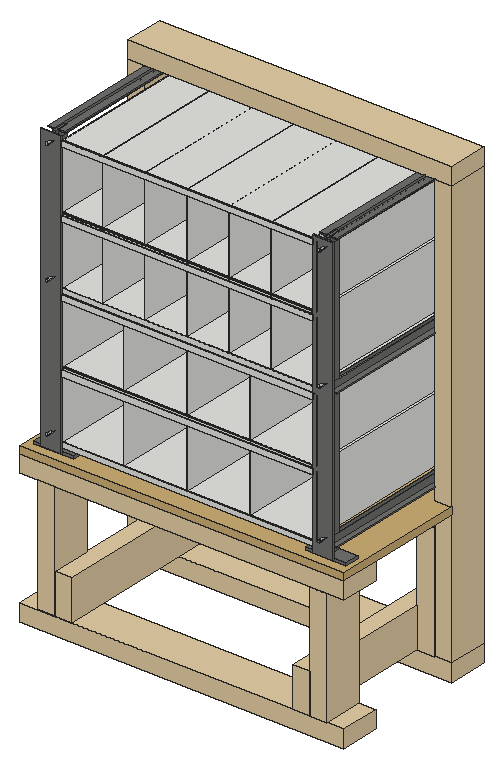
Revit family "Mailboxes_Aluminum-Rack_Ladder_System-Salsbury_Industries-2_Unit_High_Wall_Installation", category Specialty Equipment, host Wall, Revit 2016 (continued)
Definition of nested family "2200_Series_Aluminum_Mailboxes_Rack_Ladder_Units"
  Parameters (values of type "2202")
    Divider 3 Parcel = no
    Divider 3 = yes
    Description = "Rack Ladder System - 2 #4 Doors"
    Depth = 15.500"
    Box Offset = 0.156"
    Back Panel = no
    Back Enclosure Material = none
    Assembly Code = "C1030910"
  Types (10): name | Void 2 Offset | Void 1 Offset | Visible | Type Comments | Rear Overhang | Rear Door | Model | Horizontal Dividers | Door Slot #9 Number | Door Slot #8 Number | Door Slot #7 Number | Door Slot #6 Number | Door Slot #5 Number | Door Slot #4 Number | Door Slot #3 Number | Door Slot #2 Number | Door Slot #17 Number | Door Slot #16 Number | Door Slot #15 Number | Door Slot #14 Number | Door Slot #13 Number | Door Slot #12 Number | Door Slot #11 Number | Door Slot #10 Number | Door Slot #1 Number | Door Numbers | Door Location D9 | Door Location D8 | Door Location D7 | Door Location D6 | Door Location D5 | Door Location D4 | Door Location D3 | Door Location D2 | Door Location D17 | Door Location D16 | Door Location D15 | Door Location D13 | Door Location D12 | Door Location D11 | Door Location D10 | Door Location D1 | Door Location D14 | Door Divider Offset | Dividers 6, 7 | Dividers 1, 2, 4, 5 | Divider 3 Parcel | Divider 3 | Description | Back Panel
    2212 | 0.000" | 0.000" | yes | "Aluminum Mailbox" | yes | no | "2212" | yes | "9" | "8" | "7" | "6" | "5" | "4" | "3" | "2" | "0" | "0" | "0" | "0" | "0" | "1\r\n2" | "1\r\n1" | "1\r\n0" | "1" | yes | Rack Ladder #1 Door : #1 Door | Rack Ladder #1 Door : #1 Door | Rack Ladder #1 Door : #1 Door | Rack Ladder #1 Door : #1 Door | Rack Ladder #1 Door : #1 Door | Rack Ladder #1 Door : #1 Door | Rack Ladder #1 Door : #1 Door | Rack Ladder #1 Door : #1 Door | Rack Ladder None : No Door | Rack Ladder None : No Door | Rack Ladder None : No Door | Rack Ladder None : No Door | Rack Ladder #1 Door : #1 Door | Rack Ladder #1 Door : #1 Door | Rack Ladder #1 Door : #1 Door | Rack Ladder #1 Door : #1 Door | Rack Ladder None : No Door | 0.000" | no | yes | no | yes | "Rack Ladder System - 12 #1 Doors" | no
    2208 | 0.000" | 0.000" | yes | "Aluminum Mailbox" | yes | no | "2208" | yes | "6" | "0" | "0" | "4" | "0" | "0" | "2" | "0" | "0" | "7" | "5" | "3" | "1" | "8" | "0" | "0" | "0" | yes | Rack Ladder #2 Door : #2 Door | Rack Ladder None : No Door | Rack Ladder None : No Door | Rack Ladder #2 Door : #2 Door | Rack Ladder None : No Door | Rack Ladder None : No Door | Rack Ladder #2 Door : #2 Door | Rack Ladder None : No Door | Rack Ladder None : No Door | Rack Ladder #2 Door : #2 Door | Rack Ladder #2 Door : #2 Door | Rack Ladder #2 Door : #2 Door | Rack Ladder #2 Door : #2 Door | Rack Ladder None : No Door | Rack Ladder None : No Door | Rack Ladder None : No Door | Rack Ladder #2 Door : #2 Door | 0.000" | yes | no | no | yes | "Rack Ladder System - 8 #2 Doors" | no
    2204 | 0.000" | 0.000" | yes | "Aluminum Mailbox" | yes | no | "2204" | yes | "3" | "0" | "0" | "2" | "0" | "0" | "1" | "0" | "0" | "0" | "0" | "0" | "0" | "4" | "0" | "0" | "0" | yes | Rack Ladder #3 Door : #3 Door | Rack Ladder None : No Door | Rack Ladder None : No Door | Rack Ladder #3 Door : #3 Door | Rack Ladder None : No Door | Rack Ladder None : No Door | Rack Ladder #3 Door : #3 Door | Rack Ladder None : No Door | Rack Ladder None : No Door | Rack Ladder None : No Door | Rack Ladder None : No Door | Rack Ladder None : No Door | Rack Ladder #3 Door : #3 Door | Rack Ladder None : No Door | Rack Ladder None : No Door | Rack Ladder None : No Door | Rack Ladder None : No Door | 0.000" | no | no | no | yes | "Rack Ladder System - 4 #3 Doors" | no
    2202 | 0.040" | 6.200" | yes | "Aluminum Mailbox" | yes | no | "2202" | no | "1" | "0" | "0" | "0" | "0" | "0" | "0" | "0" | "0" | "0" | "0" | "0" | "0" | "2" | "0" | "0" | "0" | yes | Rack Ladder #4 Door : #4 Door | Rack Ladder None : No Door | Rack Ladder None : No Door | Rack Ladder None : No Door | Rack Ladder None : No Door | Rack Ladder None : No Door | Rack Ladder None : No Door | Rack Ladder None : No Door | Rack Ladder None : No Door | Rack Ladder None : No Door | Rack Ladder None : No Door | Rack Ladder None : No Door | Rack Ladder #4 Door : #4 Door | Rack Ladder None : No Door | Rack Ladder None : No Door | Rack Ladder None : No Door | Rack Ladder None : No Door | 0.000" | no | no | no | yes | "Rack Ladder System - 2 #4 Doors" | no
    2201 | 0.040" | 6.200" | yes | "Aluminum Mailbox" | yes | no | "2201" | no | "0" | "0" | "0" | "0" | "0" | "0" | "0" | "0" | "1" | "0" | "0" | "0" | "0" | "0" | "0" | "0" | "0" | yes | Rack Ladder None : No Door | Rack Ladder None : No Door | Rack Ladder None : No Door | Rack Ladder None : No Door | Rack Ladder None : No Door | Rack Ladder None : No Door | Rack Ladder None : No Door | Rack Ladder None : No Door | Rack Ladder #4 Door-Left Blank Door : #4 Door Left Blank Door | Rack Ladder None : No Door | Rack Ladder None : No Door | Rack Ladder None : No Door | Rack Ladder #4 Door-Right Keyed Door : #4 Right Keyed Door | Rack Ladder None : No Door | Rack Ladder None : No Door | Rack Ladder None : No Door | Rack Ladder None : No Door | 22.031" | no | no | no | no | "Rack Ladder System - 1 Door" | no
    2280 | 0.040" | 6.200" | yes | "Aluminum Drop Box" | yes | no | "2280" | no | "0" | "0" | "0" | "0" | "0" | "0" | "0" | "0" | "M\r\nA\r\nI\r\nL" | "0" | "0" | "0" | "0" | "0" | "0" | "0" | "0" | yes | Rack Ladder None : No Door | Rack Ladder None : No Door | Rack Ladder None : No Door | Rack Ladder None : No Door | Rack Ladder None : No Door | Rack Ladder None : No Door | Rack Ladder None : No Door | Rack Ladder None : No Door | Rack Ladder #4 Door-Left Mail Door-Full : #4 Door Left Mail Door-Full Slot | Rack Ladder None : No Door | Rack Ladder None : No Door | Rack Ladder None : No Door | Rack Ladder #4 Door-Right Mail Door-Full : #4 Door Right Mail Door - Full Slot | Rack Ladder None : No Door | Rack Ladder None : No Door | Rack Ladder None : No Door | Rack Ladder None : No Door | 22.031" | no | no | no | no | "Rack Ladder System - 1 Compartment" | yes
    2282 | 0.040" | 6.200" | yes | "Aluminum Drop Boxes" | yes | no | "2282" | no | "M\r\nA\r\nI\r\nL" | "0" | "0" | "0" | "0" | "0" | "0" | "0" | "0" | "0" | "0" | "0" | "0" | "M\r\nA\r\nI\r\nL" | "0" | "0" | "0" | yes | Rack Ladder #4 Door-Mail Door-Center : #4 Door Right Mail Door-Centered Slot | Rack Ladder None : No Door | Rack Ladder None : No Door | Rack Ladder None : No Door | Rack Ladder None : No Door | Rack Ladder None : No Door | Rack Ladder None : No Door | Rack Ladder None : No Door | Rack Ladder None : No Door | Rack Ladder None : No Door | Rack Ladder None : No Door | Rack Ladder None : No Door | Rack Ladder #4 Door-Mail Door-Center : #4 Door Right Mail Door-Centered Slot | Rack Ladder None : No Door | Rack Ladder None : No Door | Rack Ladder None : No Door | Rack Ladder None : No Door | 0.000" | no | no | no | yes | "Rack Ladder System - 2 Compartments" | yes
    None | 0.000" | 0.000" | no | "Aluminum Mailbox" | no | no | "2212" | no | "9" | "8" | "7" | "6" | "5" | "4" | "3" | "2" | "0" | "0" | "0" | "0" | "0" | "1\r\n2" | "1\r\n1" | "1\r\n0" | "1" | no | Rack Ladder #1 Door : #1 Door | Rack Ladder #1 Door : #1 Door | Rack Ladder #1 Door : #1 Door | Rack Ladder #1 Door : #1 Door | Rack Ladder #1 Door : #1 Door | Rack Ladder #1 Door : #1 Door | Rack Ladder #1 Door : #1 Door | Rack Ladder #1 Door : #1 Door | Rack Ladder None : No Door | Rack Ladder None : No Door | Rack Ladder None : No Door | Rack Ladder None : No Door | Rack Ladder #1 Door : #1 Door | Rack Ladder #1 Door : #1 Door | Rack Ladder #1 Door : #1 Door | Rack Ladder #1 Door : #1 Door | Rack Ladder None : No Door | 0.000" | no | no | no | no | "Rack Ladder System - 12 #1 Doors" | no
    2270P | 0.040" | 6.200" | yes | "Aluminum Parcel Locker" | no | yes | "2270P" | no | "1" | "0" | "0" | "0" | "0" | "0" | "0" | "0" | "0" | "0" | "0" | "0" | "0" | "2" | "0" | "0" | "0" | yes | Rack Ladder None : No Door | Rack Ladder None : No Door | Rack Ladder None : No Door | Rack Ladder None : No Door | Rack Ladder None : No Door | Rack Ladder None : No Door | Rack Ladder None : No Door | Rack Ladder None : No Door | Rack Ladder None : No Door | Rack Ladder None : No Door | Rack Ladder None : No Door | Rack Ladder None : No Door | Rack Ladder #4 Door-Right Parcel Doors : Full Parcel Door | Rack Ladder None : No Door | Rack Ladder None : No Door | Rack Ladder None : No Door | Rack Ladder None : No Door | 0.000" | no | no | no | no | "Rack Ladder System - 1 Door" | no
    2272P | 0.040" | 6.200" | yes | "Aluminum Parcel Lockers" | no | yes | "2272P" | no | "1" | "0" | "0" | "0" | "0" | "0" | "0" | "0" | "0" | "0" | "0" | "0" | "0" | "2" | "0" | "0" | "0" | yes | Rack Ladder #4 Door-Right Parcel Doors : #4 Door-Right Parcel Door 1P | Rack Ladder None : No Door | Rack Ladder None : No Door | Rack Ladder None : No Door | Rack Ladder None : No Door | Rack Ladder None : No Door | Rack Ladder None : No Door | Rack Ladder None : No Door | Rack Ladder None : No Door | Rack Ladder None : No Door | Rack Ladder None : No Door | Rack Ladder None : No Door | Rack Ladder #4 Door-Right Parcel Doors : #4 Door-Right Parcel Door 2P | Rack Ladder None : No Door | Rack Ladder None : No Door | Rack Ladder None : No Door | Rack Ladder None : No Door | 0.000" | no | no | yes | no | "Rack Ladder System - 2 Doors" | no
  Reference planes (in)
    plane 1 "Center (Front/Back)": y = 0
    plane 2 "Bottom": z = 0
    plane 3 "Center (Left/Right)": x = 0
    plane 4 "Left": x = -11.625
    plane 5 "Right": x = 11.625
    plane 6 "Front": y = -7.75
    plane 7 "Back": y = 7.75
    plane 8 "Vertical Center": z = 6.094
    plane 9 "Top": z = 12.188
    plane 10: y = -7.625
    plane 11 "Door Align-Back of Door": y = -7.09375
    plane 12 "Back Edge of Top Trim": y = -6.21875
    plane 13 "Front Edge of Side Panels": y = -6.8125
    plane 14 "Back Edge of Side Panels": y = 7.625
    plane 15: y = -7.563
    plane 16: y = -7.063
    plane 17 "Back Edge of Bottom Trim": y = -6.1255
    plane 18: z = 0.125
    plane 19: z = 0.0625
    plane 20 "Bottom Trim Height": z = 0.25
    plane 21 "Top Trim Height": z = 11.8755
    plane 22: z = 12.03175
    plane 23: z = 12.063
    plane 24 "Right Side Trim Alignment-Top and Bottom Trim": x = 11.25
    plane 25 "Inner Right Side of Trim": x = 11.09375
    plane 26 "Right Wall of Enclsosure": x = 10.93775
    plane 27: y = -7.5
    plane 28: y = -7.375
    plane 29 "Back Edge of Side Trim": y = -6.3125
    plane 30 "Left Side Trim Alignment-Top and Bottom Trim": x = -11.25
    plane 31 "Trop Trim Extrusion Line": y = -7.53125
    plane 32 "Left Wall of Enclosure": x = -11.0935
    plane 33: z = 11.7505
    plane 34: z = -0.249
    plane 35: z = 0
    plane 36: x = -11.59375
    plane 37: x = 11.625
    plane 38 "Door Divider 2": x = -3.6975
    plane 39 "Door Divider 3": x = 0.0005
    plane 40 "Door Divider 4": x = 3.6985
    plane 41 "Door Divider 7": x = 5.54825
    plane 42 "Door Divider 5": x = 7.3965
    plane 43 "Void 1": z = 6.063
    plane 44 "Void 2 Offset": y = 7.665
    plane 45 "Bottom Compartment Section-Top Plate": z = 5.907
    plane 46 "Door Divider 6": x = -5.54675
    plane 47 "Door Divider 1": x = -7.3955
    plane 48 "Door Divider Offset Align": x = 11.09375
    plane 49 "Door Divider": x = 11.09375
    plane 50 "Void 1 Offset": z = -0.137
    plane 51 "Void 2": y = 7.625
    plane 52: z = 6.188
    plane 53 "Vertical Center of Back Enclosure": z = 6.063
    plane 54 "Door Align - Row 2": z = 0.28125
    plane 55 "Door Align - Row 1": z = 6.219
    plane 56 "Vertical Door Align 5": x = 7.23725
    plane 57 "Vertical Door Align 8": x = 5.389
    plane 58 "Vertical Door Align 4": x = 3.53925
    plane 59 "Vertical Door Align 3": x = -0.15875
    plane 60 "Vertical Door Align 2": x = -3.85675
    plane 61 "Vertical Door Align 7": x = -5.70575
    plane 62 "Vertical Door Align 1": x = -7.5545
    plane 63 "Vertical Door Align 6": x = 10.9375
    plane 64 "OffSet Divider Line": x = -11.0935
    plane 65 "Hinge 1": x = 5.93775
    plane 66 "Hinge 2": x = -6.0935
    plane 67: z = 11.84425
    plane 68: x = -11.06225
    plane 69: x = 10.9065
    plane 70: z = 5.938
    plane 71: z = 11.84425
    plane 72: z = 11.81325
    plane 73: z = 11.41742
    plane 74: z = 11.38642
    plane 75: y = 7.719
    plane 76: y = 7.656
    plane 77: y = 7.594
    plane 78: y = 7.719
    plane 79: y = 7.656
    plane 80: z = 5.876
    plane 81: z = 5.47992
    plane 82: z = 5.44892
    plane 83: z = 10.688
    plane 84: z = 0.46875
    plane 85: z = 0.15625
    plane 86: x = 7.0315
    plane 87: x = 4.844
    plane 88: x = -4.99975
    plane 89: x = -7.18725
    plane 90: y = 7.656
    plane 91: z = 4.875
    plane 92: y = 7.594
    plane 93: x = -11.3745
    plane 94: y = 7.5625
    plane 95: y = 6.6875
    plane 96: y = 6.625
    plane 97: z = 0.1875
    plane 98: z = 0.0625
    plane 99: z = 11.84425
    plane 100: x = 7.4275
    plane 101: x = 5.57925
    plane 102: x = 3.7295
    plane 103: x = 0.0315
    plane 104: x = -3.6665
    plane 105: x = -5.51575
    plane 106: x = -7.3645
    plane 107: z = 6.12525
    plane 108: y = -7.3755
    plane 109: y = -7.5
    plane 110: x = 10.93775
    plane 111: y = 7.5625
  Forms (in)
    Extrusion 1, solid, material <- "Trim Material", visible <- "Visible"
      sketch origin (0, 0, 0) x (0, 1, 0) y (0, 0, 1)
        loop
          line (-7.75, 11.8755) -> (-6.21875, 11.8755) -> (-6.21875, 12.03175) -> (-7.09375, 12.03175) -> (-7.09375, 12.063) -> (-7.625, 12.063) -> (-7.625, 12.188) -> (-7.75, 12.188) -> (-7.75, 11.8755)
      from -11.25 to 11.25
    Extrusion 2, solid, material <- "Trim Material", visible <- "Visible"
      sketch origin (0, 0, 0) x (0, 1, 0) y (0, 0, 1)
        loop
          line (-6.1255, 0.25) -> (-7.75, 0.25) -> (-7.75, 0.125) -> (-7.563, 0.125) -> (-7.563, 0) -> (-7.063, 0) -> (-7.063, 0.0625) -> (-6.1255, 0.0625) -> (-6.1255, 0.25)
      from -11.625 to 11.625
    Extrusion 3, solid, material <- "Trim Material", visible <- "Visible"
      sketch origin (0, 0, 6.094) x (0, -1, 0) y (1, 0, 0)
        loop
          line (7.5, 11.625) -> (7.375, 11.625) -> (7.375, 11.25) -> (6.3125, 11.25) -> (6.3125, 11.09375) -> (7.75, 11.09375) -> (7.75, 11.25) -> (7.5, 11.25) -> (7.5, 11.625)
      from -5.844 to 5.7815
    Extrusion 4, void
      sketch origin (0, 0, 0) x (1, 0, 0) y (0, 1, 0)
        loop
          line (11.625, -7.75) -> (11.625, -7.5) -> (11.25, -7.5) -> (11.25, -7.75) -> (11.625, -7.75)
      from 0 to 0.25
    Extrusion 5, solid, material <- "Trim Material", visible <- "Visible"
      sketch origin (0, 0, 6.094) x (0, -1, 0) y (1, 0, 0)
        loop
          line (7.5, -11.625) -> (7.5, -11.25) -> (7.75, -11.25) -> (7.75, -11.0935) -> (6.3125, -11.0935) -> (6.3125, -11.25) -> (7.3755, -11.25) -> (7.3755, -11.625) -> (7.5, -11.625)
      from -5.844 to 5.7815
    Extrusion 6, void
      sketch origin (0, 0, 0) x (-1, 0, 0) y (0, -1, 0)
        loop
          line (11.625, 7.75) -> (11.25, 7.75) -> (11.25, 7.5) -> (11.625, 7.5) -> (11.625, 7.75)
      from 0 to 0.25
    Extrusion 7, void
      sketch origin (0, 0, 0) x (0, 1, 0) y (0, 0, 1)
        loop
          line (-7.75, 11.8755) -> (-7.53125, 11.8755) -> (-7.53125, 12.03175) -> (-7.75, 12.03175) -> (-7.75, 11.8755)
      from -11.0935 to 11.09375
    Sweep 8, solid, material <- "Back Enclosure Material", visible <- "Visible"
      path origin (0, 0, 0) x (1, 0, 0) y (0, 0, 1)
        loop
          line (-11.0935, 11.8755) -> (-11.0935, 0.25) -> (10.93775, 0.25) -> (10.93775, 11.8755) -> (-11.0935, 11.8755)
      profile origin (-0.07788, 0, 11.8755) x (0, 0, 1) y (0, -1, 0)
        loop
          line (0, 7.09375) -> (-0.03125, 7.09375) -> (-0.03125, -7.625) -> (0, -7.625) -> (0, 7.09375)
    Extrusion 9, solid, material <- "Back Enclosure Material", visible <- "Rear Overhang"
      sketch origin (0, 0, 0) x (0, 1, 0) y (0, 0, 1)
        loop
          line (7.625, 11.8755) -> (7.625, 11.84425) -> (7.719, 11.84425) -> (7.719, 11.41742) -> (7.656, 11.41742) -> (7.656, 11.81325) -> (7.625, 11.81325) -> (7.625, 11.38642) -> (7.75, 11.38642) -> (7.75, 11.8755) -> (7.625, 11.8755)
      from -11.0935 to 10.93775
    Extrusion 10, solid, material <- "Back Enclosure Material", visible <- "Visible"
      sketch origin (0, 0, 0) x (0, 1, 0) y (0, 0, 1)
        loop
          line (7.625, 0.25) -> (6.625, 0.25) -> (6.625, 0.0625) -> (6.6875, 0.0625) -> (6.6875, 0.1875) -> (7.5625, 0.1875) -> (7.5625, -0.249) -> (7.625, -0.249) -> (7.625, 0.25)
      from -11.59375 to 11.625
    Extrusion 11, void
      sketch origin (0, 0, -0.137) x (0, -1, 0) y (1, 0, 0)
        loop
          line (-7.625, -11.0935) -> (7.563, -11.0935) -> (7.563, 11.09375) -> (-7.625, 11.09375) -> (-7.625, -11.0935)
      from -0.125 to 0.125
    Extrusion 12, void
      sketch origin (0, 7.665, 0) x (0, 0, -1) y (1, 0, 0)
        loop
          line (-6.219, 11.25) -> (-6.219, 10.93775) -> (-5.907, 10.93775) -> (-5.907, 11.25) -> (-6.219, 11.25)
        loop
          line (-6.219, -11.0935) -> (-6.219, -11.375) -> (-5.907, -11.375) -> (-5.907, -11.0935) -> (-6.219, -11.0935)
      from 0 to 0.031
    Extrusion 13, solid, material <- "Back Enclosure Material", visible <- "Horizontal Dividers"
      sketch origin (0, 0, -5.8595) x (0, 1, 0) y (0, 0, 1)
        loop
          line (7.625, 11.7975) -> (7.625, 11.9535) -> (7.594, 11.9535) -> (7.594, 11.7665) -> (7.719, 11.7665) -> (7.719, 11.33942) -> (7.656, 11.33942) -> (7.656, 11.7355) -> (7.625, 11.7355) -> (7.625, 11.30842) -> (7.75, 11.30842) -> (7.75, 11.7975) -> (7.625, 11.7975)
      from -11.0935 to 10.93775
    Extrusion 14, solid, material <- "Front Panel Material", visible <- "Visible"
      sketch origin (11.09375, 0, 0) x (0, -1, 0) y (0, 0, 1)
        loop
          line (6.3125, 11.8755) -> (6.3125, 0.25) -> (7.53125, 0.25) -> (7.53125, 11.8755) -> (6.3125, 11.8755)
      from 0 to 0.156
    Extrusion 15, solid, material <- "Front Panel Material", visible <- "Dividers 6, 7"
      sketch origin (5.54825, 0, 0) x (0, 0, -1) y (0, -1, 0)
        loop
          line (-11.8755, 6.3125) -> (-0.25, 6.3125) -> (-0.25, 7.53125) -> (-11.8755, 7.53125) -> (-11.8755, 6.3125)
      from 0 to 0.15925
    Extrusion 16, solid, material <- "Front Panel Material", visible <- "Dividers 1, 2, 4, 5"
      sketch origin (7.3965, 0, 0) x (0, 0, -1) y (0, -1, 0)
        loop
          line (-11.8755, 6.3125) -> (-0.25, 6.3125) -> (-0.25, 7.53125) -> (-11.8755, 7.53125) -> (-11.8755, 6.3125)
      from 0 to 0.15925
    Extrusion 17, solid, material <- "Front Panel Material", visible <- "Dividers 6, 7"
      sketch origin (-5.54675, 0, 0) x (0, 0, -1) y (0, 1, 0)
        loop
          line (-11.8755, -6.3125) -> (-11.8755, -7.53125) -> (-0.25, -7.53125) -> (-0.25, -6.3125) -> (-11.8755, -6.3125)
      from 0 to -0.159
    Extrusion 18, solid, material <- "Front Panel Material", visible <- "Dividers 1, 2, 4, 5"
      sketch origin (3.6985, 0, 0) x (0, 0, -1) y (0, -1, 0)
        loop
          line (-11.8755, 6.3125) -> (-0.25, 6.3125) -> (-0.25, 7.53125) -> (-11.8755, 7.53125) -> (-11.8755, 6.3125)
      from 0 to 0.15925
    Extrusion 19, solid, material <- "Front Panel Material", visible <- "Divider 3"
      sketch origin (0.0005, 0, 0) x (0, 0, -1) y (0, -1, 0)
        loop
          line (-11.8755, 6.3125) -> (-0.25, 6.3125) -> (-0.25, 7.53125) -> (-11.8755, 7.53125) -> (-11.8755, 6.3125)
      from 0 to 0.15925
    Extrusion 20, solid, material <- "Front Panel Material", visible <- "Dividers 1, 2, 4, 5"
      sketch origin (-3.6975, 0, 0) x (0, 0, -1) y (0, -1, 0)
        loop
          line (-11.8755, 6.3125) -> (-0.25, 6.3125) -> (-0.25, 7.53125) -> (-11.8755, 7.53125) -> (-11.8755, 6.3125)
      from 0 to 0.15925
    Extrusion 21, solid, material <- "Front Panel Material", visible <- "Dividers 1, 2, 4, 5"
      sketch origin (-7.3955, 0, 0) x (0, 0, -1) y (0, 1, 0)
        loop
          line (-11.8755, -6.3125) -> (-11.8755, -7.53125) -> (-0.25, -7.53125) -> (-0.25, -6.3125) -> (-11.8755, -6.3125)
      from 0 to -0.159
    Extrusion 22, solid, material <- "Back Enclosure Material", visible <- "Horizontal Dividers"
      sketch origin (0, 0, 5.907) x (1, 0, 0) y (0, 1, 0)
        loop
          line (-11.06225, 7.594) -> (-11.06225, -7.09375) -> (10.9065, -7.09375) -> (10.9065, 7.594) -> (-11.06225, 7.594)
      from 0 to 0.031
    Extrusion 23, solid, material <- "Back Enclosure Material", visible <- "Horizontal Dividers"
      sketch origin (0, 0, 6.219) x (1, 0, 0) y (0, 1, 0)
        loop
          line (-11.06225, 7.625) -> (-11.06225, -7.09375) -> (10.9065, -7.09375) -> (10.9065, 7.625) -> (-11.06225, 7.625)
      from 0 to -0.031
    Extrusion 24, solid, material <- "Trim Material", visible <- "Horizontal Dividers"
      sketch origin (0, 0, 0) x (0, 1, 0) y (0, 0, 1)
        loop
          line (-6.3125, 5.938) -> (-6.3125, 6.188) -> (-7.75, 6.188) -> (-7.75, 6.12525) -> (-7.53125, 6.12525) -> (-7.53125, 5.938) -> (-6.3125, 5.938)
      from -11.0935 to 11.09375
    Extrusion 25, solid, material <- "Back Enclosure Material", visible <- "Dividers 1, 2, 4, 5"
      sketch origin (7.3965, 0, 0) x (0, 0, -1) y (0, -1, 0)
        loop
          line (-11.84425, 7.09375) -> (-11.84425, -7.625) -> (-0.28125, -7.625) -> (-0.28125, 7.09375) -> (-11.84425, 7.09375)
      from 0 to -0.031
    Extrusion 26, solid, material <- "Back Enclosure Material", visible <- "Dividers 1, 2, 4, 5"
      sketch origin (3.6985, 0, 0) x (0, 0, -1) y (0, -1, 0)
        loop
          line (-11.84425, 7.09375) -> (-11.84425, -7.625) -> (-0.28125, -7.625) -> (-0.28125, 7.09375) -> (-11.84425, 7.09375)
      from 0 to -0.031
    Extrusion 27, solid, material <- "Back Enclosure Material", visible <- "Divider 3"
      sketch origin (0.0005, 0, 0) x (0, 0, -1) y (0, -1, 0)
        loop
          line (-11.84425, 7.09375) -> (-11.84425, -7.625) -> (-0.28125, -7.625) -> (-0.28125, 7.09375) -> (-11.84425, 7.09375)
      from 0 to -0.031
    Extrusion 28, solid, material <- "Back Enclosure Material", visible <- "Dividers 1, 2, 4, 5"
      sketch origin (-3.6975, 0, 0) x (0, 0, -1) y (0, -1, 0)
        loop
          line (-11.84425, 7.09375) -> (-11.84425, -7.625) -> (-0.28125, -7.625) -> (-0.28125, 7.09375) -> (-11.84425, 7.09375)
      from 0 to -0.031
    Extrusion 29, solid, material <- "Back Enclosure Material", visible <- "Dividers 1, 2, 4, 5"
      sketch origin (-7.3955, 0, 0) x (0, 0, -1) y (0, 1, 0)
        loop
          line (-11.84425, -7.09375) -> (-0.28125, -7.09375) -> (-0.28125, 7.625) -> (-11.84425, 7.625) -> (-11.84425, -7.09375)
      from 0 to 0.031
    Extrusion 30, solid, material <- "Back Enclosure Material", visible <- "Dividers 6, 7"
      sketch origin (5.54825, 0, 0) x (0, 0, -1) y (0, -1, 0)
        loop
          line (-11.84425, 7.09375) -> (-11.84425, -7.625) -> (-0.28125, -7.625) -> (-0.28125, 7.09375) -> (-11.84425, 7.09375)
      from 0 to -0.031
    Extrusion 31, solid, material <- "Back Enclosure Material", visible <- "Dividers 6, 7"
      sketch origin (-5.54675, 0, 0) x (0, 0, -1) y (0, 1, 0)
        loop
          line (-11.84425, -7.09375) -> (-0.28125, -7.09375) -> (-0.28125, 7.625) -> (-11.84425, 7.625) -> (-11.84425, -7.09375)
      from 0 to 0.031
    Extrusion 32, solid, visible <- "Visible"
      sketch origin (10.93775, 0, 0) x (0, -1, 0) y (0, 0, 1)
        loop
          line (-7.594, 11.8755) -> (-7.625, 11.8755) -> (-7.625, 0.25) -> (-7.594, 0.25) -> (-7.594, 11.8755)
      from -0.31225 to 0
    Extrusion 33, solid, visible <- "Visible"
      sketch origin (-11.0935, 0, 0) x (0, 0, -1) y (0, -1, 0)
        loop
          line (-11.8755, -7.594) -> (-11.8755, -7.625) -> (-0.28125, -7.625) -> (-0.28125, -7.594) -> (-11.8755, -7.594)
      from 0.281 to 0
    Extrusion 34, solid, material <- "Back Enclosure Material", visible <- "Back Panel"
      sketch origin (0, 7.625, 0) x (0, 0, -1) y (1, 0, 0)
        loop
          line (-0.25, 10.93775) -> (-4.875, 10.93775) -> (-4.875, -11.0935) -> (-0.25, -11.0935) -> (-0.25, 10.93775)
      from 0 to -0.031
    Extrusion 35, solid, material <- "Back Enclosure Material", visible <- "Rear Door"
      sketch origin (0, 7.625, 0) x (0, 0, -1) y (1, 0, 0)
        loop
          line (-11.8755, 10.93775) -> (-11.8755, -11.0935) -> (-10.688, -11.0935) -> (-10.688, 10.93775) -> (-11.8755, 10.93775)
      from 0 to -0.031
    Extrusion 36, solid, material <- "Back Enclosure Material", visible <- "Rear Door"
      sketch origin (0, 7.625, 0) x (0, 0, -1) y (1, 0, 0)
        loop
          line (-10.688, 10.93775) -> (-10.688, -11.0935) -> (0.249, -11.0935) -> (0.249, 10.93775) -> (-10.688, 10.93775)
        loop
          line (-0.15625, 7.0315) -> (-0.46875, 7.0315) -> (-0.46875, 4.844) -> (-0.15625, 4.844) -> (-0.15625, 7.0315)
        loop
          line (-0.15625, -4.99975) -> (-0.46875, -4.99975) -> (-0.46875, -7.18725) -> (-0.15625, -7.18725) -> (-0.15625, -4.99975)
      from 0 to -0.031
    Extrusion 37, solid, material <- "Trim Material", visible <- "Divider 3 Parcel"
      sketch origin (-0.15875, 0, 0) x (0, 0, -1) y (0, -1, 0)
        loop
          line (-11.8755, 6.3125) -> (-0.25, 6.3125) -> (-0.25, 7.53125) -> (-11.8755, 7.53125) -> (-11.8755, 6.3125)
      from 0 to -0.15925
    Extrusion 38, solid, material <- "Front Panel Material", visible <- "Visible"
      sketch origin (11.09375, 0, 0) x (0, -1, 0) y (0, 0, 1)
        loop
          line (6.3125, 11.8755) -> (6.3125, 0.25) -> (7.53125, 0.25) -> (7.53125, 11.8755) -> (6.3125, 11.8755)
      from 0 to 0.156
  Cuts and joins
    Extrusion 4, Extrusion 7 cuts Extrusion 1
    Extrusion 4, Extrusion 6 cuts Extrusion 2
    Extrusion 4, Extrusion 7 cuts Extrusion 3
    Extrusion 11, Extrusion 12 cuts Sweep 8
    Extrusion 11 cuts Extrusion 14
    Extrusion 11 cuts Extrusion 16
    Extrusion 11 cuts Extrusion 15
    Extrusion 11 cuts Extrusion 18
    Extrusion 11 cuts Extrusion 19
    Extrusion 11 cuts Extrusion 20
    Extrusion 11 cuts Extrusion 17
    Extrusion 11 cuts Extrusion 21
    Extrusion 11 cuts Extrusion 25
    Extrusion 11 cuts Extrusion 30
    Extrusion 11 cuts Extrusion 26
    Extrusion 11 cuts Extrusion 27
    Extrusion 11 cuts Extrusion 28
    Extrusion 11 cuts Extrusion 31
    Extrusion 11 cuts Extrusion 29
    Extrusion 12 cuts Extrusion 32
    Extrusion 12 cuts Extrusion 33
  Lines and regions (in)
    symbolic lines
      curve 1: line (-11.625, 7.75, 11.8755) -> (-11.0935, 7.75, 11.8755)
      curve 2: line (-11.625, 7.75, 0.25) -> (-11.625, 7.75, 11.8755)
      curve 3: line (-11.0935, 7.75, 0.25) -> (-11.625, 7.75, 0.25)
      curve 4: line (-11.0935, 7.75, 11.8755) -> (-11.0935, 7.75, 0.25)
      curve 5: line (11.09375, 7.75, 11.8755) -> (11.625, 7.75, 11.8755)
      curve 6: line (11.09375, 7.75, 0.25) -> (11.09375, 7.75, 11.8755)
      curve 7: line (11.625, 7.75, 0.25) -> (11.09375, 7.75, 0.25)
      curve 8: line (11.625, 7.75, 11.8755) -> (11.625, 7.75, 0.25)
      curve 9: line (-11.25, 7.75, 12.188) -> (11.25, 7.75, 12.188)
      curve 10: line (-11.25, 7.75, 11.8755) -> (-11.25, 7.75, 12.188)
      curve 11: line (11.25, 7.75, 11.8755) -> (-11.25, 7.75, 11.8755)
      curve 12: line (11.25, 7.75, 12.188) -> (11.25, 7.75, 11.8755)
      curve 13: line (-11.625, 7.75, 0.25) -> (11.625, 7.75, 0.25)
      curve 14: line (-11.625, 7.75, 0) -> (-11.625, 7.75, 0.25)
      curve 15: line (11.625, 7.75, 0) -> (-11.625, 7.75, 0)
      curve 16: line (11.625, 7.75, 0.25) -> (11.625, 7.75, 0)
      curve 17: line (0.0005, -6.3125, 11.8755) -> (0.0005, 7.75, 11.8755)
      curve 18: line (0.0005, -6.3125, 0) -> (0.0005, -6.3125, 11.8755)
      curve 19: line (0.0005, 7.75, 0) -> (0.0005, -6.3125, 0)
      curve 20: line (0.0005, 7.75, 11.8755) -> (0.0005, 7.75, 0)
      curve 21: line (0.0005, -7.75, 12.188) -> (0.0005, -7.625, 12.188)
      curve 22: line (0.0005, -7.75, 0.125) -> (0.0005, -7.75, 12.188)
      curve 23: line (0.0005, -7.063, 0) -> (0.0005, -7.563, 0)
      curve 24: line (-11.625, 7.75, 0.28125) -> (11.625, 7.75, 0.28125)
      curve 25: line (-11.625, -6.1255, 0.28125) -> (-11.625, 7.75, 0.28125)
      curve 26: line (11.625, -6.1255, 0.28125) -> (-11.625, -6.1255, 0.28125)
      curve 27: line (11.625, 7.75, 0.28125) -> (11.625, -6.1255, 0.28125)
      curve 28: line (-11.625, -7.5, 0.28125) -> (-11.625, -6.1255, 0.28125)
      curve 29: line (11.25, -7.75, 0.28125) -> (-11.25, -7.75, 0.28125)
      curve 30: line (11.625, -6.1255, 0.28125) -> (11.625, -7.5, 0.28125)
      curve 31: line (11.625, -7.5, 0.28125) -> (11.25, -7.5, 0.28125)
      curve 32: line (11.25, -7.5, 0.28125) -> (11.25, -7.75, 0.28125)
      curve 33: line (-11.625, -7.5, 0.28125) -> (-11.25, -7.5, 0.28125)
      curve 34: line (-11.25, -7.5, 0.28125) -> (-11.25, -7.75, 0.28125)
      curve 35: line (0.0005, -7.563, 0) -> (0.0005, -7.563, 0.125)
      curve 36: line (0.0005, -7.563, 0.125) -> (0.0005, -7.75, 0.125)
      curve 37: line (0.0005, -7.063, 0) -> (0.0005, -7.063, 0.0625)
      curve 38: line (0.0005, -7.063, 0.0625) -> (0.0005, -6.1255, 0.0625)
      curve 39: line (0.0005, -7.625, 12.188) -> (0.0005, -7.625, 12.063)
      curve 40: line (0.0005, -7.625, 12.063) -> (0.0005, -7.09375, 12.063)
      curve 41: line (0.0005, -7.09375, 12.063) -> (0.0005, -7.09375, 12.03175)
      curve 42: line (0.0005, -7.09375, 12.03175) -> (0.0005, -6.21875, 12.03175)
      curve 43: line (0.0005, -6.21875, 12.03175) -> (0.0005, -6.21875, 11.8755)
      curve 44: line (0.0005, 7.5625, -0.249) -> (0.0005, 7.5625, 0)
      curve 45: line (0.0005, 7.625, -0.249) -> (0.0005, 7.5625, -0.249)
      curve 46: line (0.0005, 7.625, 0) -> (0.0005, 7.625, -0.249)
  Dimensions and locks (in)
    plane 6 "Front" to plane 1 "Center (Front/Back)" to plane 7 "Back" = 7.750", 7.750"
    "Depth": plane 6 "Front" to plane 7 "Back"
    equal spacing: plane 4 "Left", plane 3 "Center (Left/Right)", plane 5 "Right"
    "Width": plane 4 "Left" to plane 5 "Right"
    equal spacing: plane 9 "Top", plane 8 "Vertical Center", plane 2 "Bottom"
    "Height": plane 9 "Top" to plane 2 "Bottom"
    plane 6 "Front" to plane 10 to plane 11 "Door Align-Back of Door" to plane 12 "Back Edge of Top Trim" = 0.125", 0.53125", 0.875"
    plane 14 "Back Edge of Side Panels" to plane 7 "Back" = 0.125"
    plane 6 "Front" to plane 13 "Front Edge of Side Panels" = 0.9375"
    plane 6 "Front" to plane 15 to plane 16 to plane 17 "Back Edge of Bottom Trim" = 0.187", 0.500", 0.9375"
    plane 18 to plane 2 "Bottom" = 0.125"
    plane 19 to plane 2 "Bottom" = 0.0625"
    plane 20 "Bottom Trim Height" to plane 2 "Bottom" = 0.250"
    plane 9 "Top" to plane 21 "Top Trim Height" = 0.3125"
    plane 22 to plane 9 "Top" = 0.15625"
    plane 23 to plane 9 "Top" = 0.125"
    plane 25 "Inner Right Side of Trim" to plane 24 "Right Side Trim Alignment-Top and Bottom Trim" to plane 5 "Right" = 0.15625", 0.375"
    plane 6 "Front" to plane 27 to plane 28 = 0.250", 0.125"
    plane 6 "Front" to plane 29 "Back Edge of Side Trim" = 1.4375"
    plane 4 "Left" to plane 30 "Left Side Trim Alignment-Top and Bottom Trim" = 0.375"
    Extrusion 3 to plane 5 "Right" = 0.375"
    plane 6 "Front" to plane 31 "Trop Trim Extrusion Line" = 0.21875"
    plane 33 to plane 21 "Top Trim Height" = 0.125"
    plane 34 to plane 35 to plane 20 "Bottom Trim Height" = 0.249", 0.250"
    plane 8 "Vertical Center" to plane 43 "Void 1" = 0.031"
    "Void 2 Offset": plane 14 "Back Edge of Side Panels" to plane 44 "Void 2 Offset"
    plane 32 "Left Wall of Enclosure" to plane 47 "Door Divider 1" = 3.698"
    plane 32 "Left Wall of Enclosure" to plane 46 "Door Divider 6" = 5.54675"
    plane 32 "Left Wall of Enclosure" to plane 38 "Door Divider 2" = 7.396"
    plane 32 "Left Wall of Enclosure" to plane 39 "Door Divider 3" = 11.094"
    plane 32 "Left Wall of Enclosure" to plane 40 "Door Divider 4" = 14.792"
    plane 32 "Left Wall of Enclosure" to plane 41 "Door Divider 7" = 16.64175"
    plane 32 "Left Wall of Enclosure" to plane 42 "Door Divider 5" = 18.490"
    locked: plane 32 "Left Wall of Enclosure" to plane 26 "Right Wall of Enclsosure" at 22.03125
    "Box Offset": plane 26 "Right Wall of Enclsosure" to plane 25 "Inner Right Side of Trim"
    "Door Divider Offset": plane 49 "Door Divider" to plane 48 "Door Divider Offset Align"
    "Void 1 Offset": plane 50 "Void 1 Offset" to plane 43 "Void 1"
    plane 52 to plane 8 "Vertical Center" = 0.094"
    plane 45 "Bottom Compartment Section-Top Plate" to plane 8 "Vertical Center" to plane 52 = 0.187", 0.094"
    plane 56 "Vertical Door Align 5" to plane 42 "Door Divider 5" = 0.15925"
    plane 57 "Vertical Door Align 8" to plane 41 "Door Divider 7" = 0.15925"
    plane 58 "Vertical Door Align 4" to plane 40 "Door Divider 4" = 0.15925"
    plane 59 "Vertical Door Align 3" to plane 39 "Door Divider 3" = 0.15925"
    plane 60 "Vertical Door Align 2" to plane 38 "Door Divider 2" = 0.15925"
    plane 61 "Vertical Door Align 7" to plane 46 "Door Divider 6" = 0.159"
    plane 62 "Vertical Door Align 1" to plane 47 "Door Divider 1" = 0.159"
    plane 65 "Hinge 1" to plane 26 "Right Wall of Enclsosure" = 5.000"
    plane 32 "Left Wall of Enclosure" to plane 66 "Hinge 2" = 5.000"
    plane 67 to plane 21 "Top Trim Height" = 0.03125"
    plane 74 to plane 73 to plane 72 to plane 71 to plane 21 "Top Trim Height" = 0.031", 0.39583", 0.031", 0.03125"
    plane 14 "Back Edge of Side Panels" to plane 76 to plane 75 to plane 7 "Back" = 0.031", 0.063", 0.031"
    plane 4 "Left" to plane 89 to plane 88 = 4.43775", 2.1875"
    plane 87 to plane 86 to plane 5 "Right" = 2.1875", 4.5935"
    plane 34 to plane 85 to plane 84 = 0.40525", 0.3125"
    plane 92 to plane 14 "Back Edge of Side Panels" to plane 90 = 0.031", 0.031"
    plane 96 to plane 95 to plane 94 to plane 14 "Back Edge of Side Panels" = 0.0625", 0.875", 0.0625"
    plane 34 to plane 98 to plane 97 to plane 20 "Bottom Trim Height" = 0.3115", 0.125", 0.0625"
    plane 99 to plane 21 "Top Trim Height" = 0.03125"
    plane 52 to plane 107 = 0.06275"
    plane 108 to plane 109 to plane 31 "Trop Trim Extrusion Line" = 0.1245", 0.03125"
    locked: plane 110 to plane 49 "Door Divider" at 0.156
    aligned and locked: plane 2 "Bottom" to level
    aligned and locked: Extrusion 24 to plane 25 "Inner Right Side of Trim"
    aligned and locked: plane 32 "Left Wall of Enclosure" to Extrusion 13
    aligned and locked: Extrusion 13 to plane 26 "Right Wall of Enclsosure"
    aligned and locked: Extrusion 9 to plane 26 "Right Wall of Enclsosure"
    aligned and locked: plane 32 "Left Wall of Enclosure" to Extrusion 9
    aligned and locked: nested 6 to plane 54 "Door Align - Row 2"
    aligned and locked: nested 5 to plane 54 "Door Align - Row 2"
    aligned and locked: nested 4 to plane 54 "Door Align - Row 2"
    aligned and locked: nested 3 to plane 54 "Door Align - Row 2"
    aligned and locked: nested 1 to plane 54 "Door Align - Row 2"
    aligned and locked: nested 2 to plane 54 "Door Align - Row 2"
    aligned and locked: nested 8 to plane 55 "Door Align - Row 1"
    aligned and locked: nested 7 to plane 55 "Door Align - Row 1"
    aligned and locked: nested 9 to plane 55 "Door Align - Row 1"
    aligned and locked: nested 11 to plane 55 "Door Align - Row 1"
    aligned and locked: nested 10 to plane 55 "Door Align - Row 1"
    aligned and locked: nested 12 to plane 55 "Door Align - Row 1"
    aligned and locked: plane 63 "Vertical Door Align 6" to nested 12
    aligned and locked: plane 56 "Vertical Door Align 5" to nested 11
    aligned and locked: plane 56 "Vertical Door Align 5" to nested 5
    aligned and locked: plane 58 "Vertical Door Align 4" to nested 10
    aligned and locked: plane 58 "Vertical Door Align 4" to nested 4
    aligned and locked: plane 59 "Vertical Door Align 3" to nested 9
    aligned and locked: plane 59 "Vertical Door Align 3" to nested 3
    aligned and locked: plane 60 "Vertical Door Align 2" to nested 7
    aligned and locked: plane 60 "Vertical Door Align 2" to nested 1
    aligned and locked: plane 62 "Vertical Door Align 1" to nested 8
    aligned and locked: plane 62 "Vertical Door Align 1" to nested 2
    aligned and locked: plane 57 "Vertical Door Align 8" to nested 14
    aligned and locked: plane 57 "Vertical Door Align 8" to nested 16
    aligned and locked: plane 61 "Vertical Door Align 7" to nested 13
    aligned and locked: plane 61 "Vertical Door Align 7" to nested 15
    aligned and locked: nested 13 to plane 54 "Door Align - Row 2"
    aligned and locked: plane 26 "Right Wall of Enclsosure" to nested 6
    aligned and locked: Extrusion 35 to cut or joined group of Extrusion 1, Extrusion 4, Extrusion 7
    aligned and locked: Extrusion 35 to cut or joined group of Sweep 8, Extrusion 11, Extrusion 12
    aligned and locked: cut or joined group of Sweep 8, Extrusion 11, Extrusion 12 to Extrusion 36
    aligned and locked: plane 32 "Left Wall of Enclosure" to Extrusion 36
    aligned and locked: Extrusion 5 to plane 64 "OffSet Divider Line"
    aligned and locked: plane 32 "Left Wall of Enclosure" to Extrusion 24
    aligned and locked: Extrusion 10 to plane 19
    aligned and locked: Extrusion 14 to cut or joined group of Extrusion 1, Extrusion 4, Extrusion 7
    aligned and locked: plane 65 "Hinge 1" to nested 18
    aligned and locked: plane 66 "Hinge 2" to nested 19
    aligned and locked: plane 21 "Top Trim Height" to Sweep 8 sketch curve  (x2)
    aligned and locked: plane 26 "Right Wall of Enclsosure" to Sweep 8 sketch curve
    aligned and locked: Sweep 8 sketch curve to plane 32 "Left Wall of Enclosure"
    aligned and locked: Sweep 8 sketch curve to plane 20 "Bottom Trim Height"
    aligned and locked: Sweep 8 sketch curve to plane 11 "Door Align-Back of Door"
    aligned and locked: plane 14 "Back Edge of Side Panels" to Sweep 8 sketch curve
    aligned and locked: plane 67 to Sweep 8 sketch curve
    aligned and locked: Extrusion 1 sketch curve to plane 9 "Top"
    aligned and locked: Extrusion 1 sketch curve to plane 6 "Front"
    aligned and locked: Extrusion 1 sketch curve to plane 21 "Top Trim Height"
    aligned and locked: plane 12 "Back Edge of Top Trim" to Extrusion 1 sketch curve
    aligned and locked: plane 22 to Extrusion 1 sketch curve
    aligned and locked: plane 11 "Door Align-Back of Door" to Extrusion 1 sketch curve
    aligned and locked: plane 23 to Extrusion 1 sketch curve
    aligned and locked: plane 10 to Extrusion 1 sketch curve
    aligned and locked: cut or joined group of Extrusion 1, Extrusion 4, Extrusion 7 to plane 24 "Right Side Trim Alignment-Top and Bottom Trim"
    aligned and locked: plane 30 "Left Side Trim Alignment-Top and Bottom Trim" to cut or joined group of Extrusion 1, Extrusion 4, Extrusion 7
    aligned and locked: plane 14 "Back Edge of Side Panels" to Extrusion 23 sketch curve
    aligned and locked: Extrusion 23 sketch curve to plane 68
    aligned and locked: plane 69 to Extrusion 23 sketch curve
    aligned and locked: Extrusion 23 sketch curve to plane 11 "Door Align-Back of Door"
    aligned and locked: Extrusion 23 to plane 55 "Door Align - Row 1"
    aligned and locked: plane 52 to Extrusion 23
    aligned and locked: Extrusion 22 to plane 45 "Bottom Compartment Section-Top Plate"
    aligned and locked: Extrusion 22 to plane 70
    aligned and locked: plane 71 to Extrusion 9 sketch curve
    aligned and locked: plane 72 to Extrusion 9 sketch curve
    aligned and locked: plane 73 to Extrusion 9 sketch curve
    aligned and locked: plane 74 to Extrusion 9 sketch curve
    aligned and locked: plane 75 to Extrusion 9 sketch curve
    aligned and locked: plane 76 to Extrusion 9 sketch curve
    aligned and locked: plane 14 "Back Edge of Side Panels" to Extrusion 9 sketch curve
    aligned and locked: plane 7 "Back" to Extrusion 13 sketch curve
    aligned and locked: plane 78 to Extrusion 13 sketch curve
    aligned and locked: Extrusion 13 sketch curve to plane 79
    aligned and locked: plane 51 "Void 2" to Extrusion 13 sketch curve
    aligned and locked: Extrusion 13 sketch curve to plane 45 "Bottom Compartment Section-Top Plate"
    aligned and locked: plane 80 to Extrusion 13 sketch curve
    aligned and locked: plane 81 to Extrusion 13 sketch curve
    aligned and locked: plane 82 to Extrusion 13 sketch curve
    aligned and locked: Extrusion 36 sketch curve to plane 34
    aligned and locked: plane 26 "Right Wall of Enclsosure" to Extrusion 36 sketch curve
    aligned and locked: Extrusion 36 sketch curve to plane 32 "Left Wall of Enclosure"
    aligned and locked: plane 83 to Extrusion 36 sketch curve
    aligned and locked: plane 84 to Extrusion 36 sketch curve
    aligned and locked: plane 85 to Extrusion 36 sketch curve  (x2)
    aligned and locked: plane 86 to Extrusion 36 sketch curve
    aligned and locked: plane 87 to Extrusion 36 sketch curve
    aligned and locked: Extrusion 36 sketch curve to plane 84
    aligned and locked: plane 89 to Extrusion 36 sketch curve
    aligned and locked: plane 88 to Extrusion 36 sketch curve
    aligned and locked: plane 90 to Extrusion 36
    aligned and locked: plane 14 "Back Edge of Side Panels" to Extrusion 36
    aligned and locked: Extrusion 35 sketch curve to plane 83
    aligned and locked: plane 26 "Right Wall of Enclsosure" to Extrusion 35 sketch curve
    aligned and locked: Extrusion 35 sketch curve to plane 32 "Left Wall of Enclosure"
    aligned and locked: plane 21 "Top Trim Height" to Extrusion 35 sketch curve
    aligned and locked: plane 14 "Back Edge of Side Panels" to Extrusion 35
    aligned and locked: Extrusion 35 to plane 90
    aligned and locked: Extrusion 34 sketch curve to plane 91
    aligned and locked: plane 32 "Left Wall of Enclosure" to Extrusion 34 sketch curve
    aligned and locked: Extrusion 34 sketch curve to plane 26 "Right Wall of Enclsosure"
    aligned and locked: plane 20 "Bottom Trim Height" to Extrusion 34 sketch curve
    aligned and locked: Extrusion 34 to plane 90
    aligned and locked: plane 14 "Back Edge of Side Panels" to Extrusion 34
    aligned and locked: plane 14 "Back Edge of Side Panels" to Extrusion 32 sketch curve
    aligned and locked: Extrusion 32 sketch curve to plane 92
    aligned and locked: plane 21 "Top Trim Height" to Extrusion 32 sketch curve
    aligned and locked: Extrusion 32 sketch curve to plane 20 "Bottom Trim Height"
    aligned and locked: cut or joined group of Extrusion 12, Extrusion 32 to plane 24 "Right Side Trim Alignment-Top and Bottom Trim"
    aligned and locked: plane 26 "Right Wall of Enclsosure" to cut or joined group of Extrusion 12, Extrusion 32
    aligned and locked: Extrusion 33 sketch curve to plane 54 "Door Align - Row 2"
    aligned and locked: plane 14 "Back Edge of Side Panels" to Extrusion 33 sketch curve
    aligned and locked: Extrusion 33 sketch curve to plane 92
    aligned and locked: plane 21 "Top Trim Height" to Extrusion 33 sketch curve
    aligned and locked: plane 93 to cut or joined group of Extrusion 12, Extrusion 33
    aligned and locked: cut or joined group of Extrusion 12, Extrusion 33 to plane 64 "OffSet Divider Line"
    aligned and locked: plane 94 to Extrusion 10 sketch curve
    aligned and locked: plane 14 "Back Edge of Side Panels" to Extrusion 10 sketch curve
    aligned and locked: plane 96 to Extrusion 10 sketch curve
    aligned and locked: plane 95 to Extrusion 10 sketch curve
    aligned and locked: plane 97 to Extrusion 10 sketch curve
    aligned and locked: Extrusion 10 sketch curve to plane 20 "Bottom Trim Height"
    aligned and locked: plane 98 to Extrusion 10 sketch curve
    aligned and locked: Extrusion 10 sketch curve to plane 34
    aligned and locked: Extrusion 10 to plane 36
    aligned and locked: Extrusion 10 to plane 5 "Right"
    aligned and locked: plane 99 to Extrusion 25 sketch curve
    aligned and locked: Extrusion 25 sketch curve to plane 11 "Door Align-Back of Door"
    aligned and locked: Extrusion 25 sketch curve to plane 54 "Door Align - Row 2"
    aligned and locked: plane 14 "Back Edge of Side Panels" to Extrusion 25 sketch curve
    aligned and locked: plane 100 to cut or joined group of Extrusion 11, Extrusion 25
    aligned and locked: plane 42 "Door Divider 5" to cut or joined group of Extrusion 11, Extrusion 25
    aligned and locked: plane 14 "Back Edge of Side Panels" to Extrusion 30 sketch curve
    aligned and locked: Extrusion 30 sketch curve to plane 54 "Door Align - Row 2"
    aligned and locked: plane 99 to Extrusion 30 sketch curve
    aligned and locked: Extrusion 30 sketch curve to plane 11 "Door Align-Back of Door"
    aligned and locked: plane 101 to cut or joined group of Extrusion 11, Extrusion 30
    aligned and locked: plane 41 "Door Divider 7" to cut or joined group of Extrusion 11, Extrusion 30
    aligned and locked: Extrusion 26 sketch curve to plane 11 "Door Align-Back of Door"
    aligned and locked: plane 99 to Extrusion 26 sketch curve
    aligned and locked: plane 14 "Back Edge of Side Panels" to Extrusion 26 sketch curve
    aligned and locked: Extrusion 26 sketch curve to plane 54 "Door Align - Row 2"
    aligned and locked: plane 102 to cut or joined group of Extrusion 11, Extrusion 26
    aligned and locked: plane 40 "Door Divider 4" to cut or joined group of Extrusion 11, Extrusion 26
    aligned and locked: Extrusion 27 sketch curve to plane 54 "Door Align - Row 2"
    aligned and locked: plane 14 "Back Edge of Side Panels" to Extrusion 27 sketch curve
    aligned and locked: plane 99 to Extrusion 27 sketch curve
    aligned and locked: Extrusion 27 sketch curve to plane 11 "Door Align-Back of Door"
    aligned and locked: plane 103 to cut or joined group of Extrusion 11, Extrusion 27
    aligned and locked: plane 39 "Door Divider 3" to cut or joined group of Extrusion 11, Extrusion 27
    aligned and locked: plane 99 to Extrusion 28 sketch curve
    aligned and locked: Extrusion 28 sketch curve to plane 11 "Door Align-Back of Door"
    aligned and locked: Extrusion 28 sketch curve to plane 54 "Door Align - Row 2"
    aligned and locked: plane 14 "Back Edge of Side Panels" to Extrusion 28 sketch curve
    aligned and locked: plane 104 to cut or joined group of Extrusion 11, Extrusion 28
    aligned and locked: plane 38 "Door Divider 2" to cut or joined group of Extrusion 11, Extrusion 28
    aligned and locked: plane 14 "Back Edge of Side Panels" to Extrusion 31 sketch curve
    aligned and locked: Extrusion 31 sketch curve to plane 54 "Door Align - Row 2"
    aligned and locked: plane 99 to Extrusion 31 sketch curve
    aligned and locked: Extrusion 31 sketch curve to plane 11 "Door Align-Back of Door"
    aligned and locked: plane 105 to cut or joined group of Extrusion 11, Extrusion 31
    aligned and locked: cut or joined group of Extrusion 11, Extrusion 31 to plane 46 "Door Divider 6"
    aligned and locked: Extrusion 29 sketch curve to plane 11 "Door Align-Back of Door"
    aligned and locked: plane 99 to Extrusion 29 sketch curve
    aligned and locked: Extrusion 29 sketch curve to plane 54 "Door Align - Row 2"
    aligned and locked: plane 14 "Back Edge of Side Panels" to Extrusion 29 sketch curve
    aligned and locked: plane 106 to cut or joined group of Extrusion 11, Extrusion 29
    aligned and locked: cut or joined group of Extrusion 11, Extrusion 29 to plane 47 "Door Divider 1"
    aligned and locked: Extrusion 14 sketch curve to plane 21 "Top Trim Height"
    aligned and locked: Extrusion 14 sketch curve to plane 29 "Back Edge of Side Trim"
    aligned and locked: plane 31 "Trop Trim Extrusion Line" to Extrusion 14 sketch curve
    aligned and locked: plane 20 "Bottom Trim Height" to Extrusion 14 sketch curve
    aligned and locked: plane 20 "Bottom Trim Height" to Extrusion 16 sketch curve
    aligned and locked: Extrusion 16 sketch curve to plane 29 "Back Edge of Side Trim"
    aligned and locked: plane 31 "Trop Trim Extrusion Line" to Extrusion 16 sketch curve
    aligned and locked: Extrusion 16 sketch curve to plane 21 "Top Trim Height"
    aligned and locked: cut or joined group of Extrusion 11, Extrusion 16 to plane 42 "Door Divider 5"
    aligned and locked: plane 56 "Vertical Door Align 5" to cut or joined group of Extrusion 11, Extrusion 16
    aligned and locked: plane 31 "Trop Trim Extrusion Line" to Extrusion 15 sketch curve
    aligned and locked: Extrusion 15 sketch curve to plane 21 "Top Trim Height"
    aligned and locked: Extrusion 15 sketch curve to plane 29 "Back Edge of Side Trim"
    aligned and locked: plane 20 "Bottom Trim Height" to Extrusion 15 sketch curve
    aligned and locked: plane 57 "Vertical Door Align 8" to cut or joined group of Extrusion 11, Extrusion 15
    aligned and locked: cut or joined group of Extrusion 11, Extrusion 15 to plane 41 "Door Divider 7"
    aligned and locked: plane 20 "Bottom Trim Height" to Extrusion 18 sketch curve
    aligned and locked: Extrusion 18 sketch curve to plane 29 "Back Edge of Side Trim"
    aligned and locked: Extrusion 18 sketch curve to plane 21 "Top Trim Height"
    aligned and locked: plane 31 "Trop Trim Extrusion Line" to Extrusion 18 sketch curve
    aligned and locked: plane 58 "Vertical Door Align 4" to cut or joined group of Extrusion 11, Extrusion 18
    aligned and locked: cut or joined group of Extrusion 11, Extrusion 18 to plane 40 "Door Divider 4"
    aligned and locked: Extrusion 37 sketch curve to plane 21 "Top Trim Height"
    aligned and locked: plane 31 "Trop Trim Extrusion Line" to Extrusion 37 sketch curve
    aligned and locked: Extrusion 37 sketch curve to plane 29 "Back Edge of Side Trim"
    aligned and locked: plane 20 "Bottom Trim Height" to Extrusion 37 sketch curve
    aligned and locked: plane 59 "Vertical Door Align 3" to Extrusion 37
    aligned and locked: Extrusion 37 to plane 39 "Door Divider 3"
    aligned and locked: Extrusion 19 sketch curve to plane 29 "Back Edge of Side Trim"
    aligned and locked: plane 20 "Bottom Trim Height" to Extrusion 19 sketch curve
    aligned and locked: plane 31 "Trop Trim Extrusion Line" to Extrusion 19 sketch curve
    aligned and locked: Extrusion 19 sketch curve to plane 21 "Top Trim Height"
    aligned and locked: plane 59 "Vertical Door Align 3" to cut or joined group of Extrusion 11, Extrusion 19
    aligned and locked: cut or joined group of Extrusion 11, Extrusion 19 to plane 39 "Door Divider 3"
    aligned and locked: Extrusion 20 sketch curve to plane 21 "Top Trim Height"
    aligned and locked: plane 31 "Trop Trim Extrusion Line" to Extrusion 20 sketch curve
    aligned and locked: Extrusion 20 sketch curve to plane 29 "Back Edge of Side Trim"
    aligned and locked: plane 20 "Bottom Trim Height" to Extrusion 20 sketch curve
    aligned and locked: plane 60 "Vertical Door Align 2" to cut or joined group of Extrusion 11, Extrusion 20
    aligned and locked: cut or joined group of Extrusion 11, Extrusion 20 to plane 38 "Door Divider 2"
    aligned and locked: Extrusion 17 sketch curve to plane 29 "Back Edge of Side Trim"
    aligned and locked: plane 20 "Bottom Trim Height" to Extrusion 17 sketch curve
    aligned and locked: plane 31 "Trop Trim Extrusion Line" to Extrusion 17 sketch curve
    aligned and locked: Extrusion 17 sketch curve to plane 21 "Top Trim Height"
    aligned and locked: plane 46 "Door Divider 6" to cut or joined group of Extrusion 11, Extrusion 17
    aligned and locked: plane 61 "Vertical Door Align 7" to cut or joined group of Extrusion 11, Extrusion 17
    aligned and locked: Extrusion 21 sketch curve to plane 21 "Top Trim Height"
    aligned and locked: plane 31 "Trop Trim Extrusion Line" to Extrusion 21 sketch curve
    aligned and locked: plane 20 "Bottom Trim Height" to Extrusion 21 sketch curve
    aligned and locked: Extrusion 21 sketch curve to plane 29 "Back Edge of Side Trim"
    aligned and locked: plane 62 "Vertical Door Align 1" to cut or joined group of Extrusion 11, Extrusion 21
    aligned and locked: plane 47 "Door Divider 1" to cut or joined group of Extrusion 11, Extrusion 21
    aligned and locked: Extrusion 24 sketch curve to plane 29 "Back Edge of Side Trim"
    aligned and locked: plane 70 to Extrusion 24 sketch curve
    aligned and locked: plane 31 "Trop Trim Extrusion Line" to Extrusion 24 sketch curve
    aligned and locked: plane 6 "Front" to Extrusion 24 sketch curve
    aligned and locked: Extrusion 24 sketch curve to plane 52
    aligned and locked: plane 107 to Extrusion 24 sketch curve
    aligned and locked: plane 29 "Back Edge of Side Trim" to Extrusion 3 sketch curve
    aligned and locked: Extrusion 3 sketch curve to plane 25 "Inner Right Side of Trim"
    aligned and locked: plane 6 "Front" to Extrusion 3 sketch curve
    aligned and locked: plane 24 "Right Side Trim Alignment-Top and Bottom Trim" to Extrusion 3 sketch curve  (x2)
    aligned and locked: Extrusion 3 sketch curve to plane 28
    aligned and locked: Extrusion 3 sketch curve to plane 5 "Right"
    aligned and locked: Extrusion 3 sketch curve to plane 27
    aligned and locked: cut or joined group of Extrusion 3, Extrusion 4, Extrusion 7 to plane 21 "Top Trim Height"
    aligned and locked: plane 20 "Bottom Trim Height" to cut or joined group of Extrusion 3, Extrusion 4, Extrusion 7
    aligned and locked: Extrusion 5 sketch curve to plane 108
    aligned and locked: Extrusion 5 sketch curve to plane 4 "Left"
    aligned and locked: Extrusion 5 sketch curve to plane 109
    aligned and locked: plane 30 "Left Side Trim Alignment-Top and Bottom Trim" to Extrusion 5 sketch curve  (x2)
    aligned and locked: Extrusion 5 sketch curve to plane 6 "Front"
    aligned and locked: Extrusion 5 sketch curve to plane 32 "Left Wall of Enclosure"
    aligned and locked: plane 29 "Back Edge of Side Trim" to Extrusion 5 sketch curve
    aligned and locked: plane 20 "Bottom Trim Height" to Extrusion 5
    aligned and locked: Extrusion 5 to plane 21 "Top Trim Height"
    aligned and locked: Extrusion 2 sketch curve to plane 6 "Front"
    aligned and locked: Extrusion 2 sketch curve to plane 20 "Bottom Trim Height"
    aligned and locked: Extrusion 2 sketch curve to plane 17 "Back Edge of Bottom Trim"
    aligned and locked: Extrusion 2 sketch curve to plane 19
    aligned and locked: Extrusion 2 sketch curve to plane 16
    aligned and locked: Extrusion 2 sketch curve to plane 2 "Bottom"
    aligned and locked: Extrusion 2 sketch curve to plane 15
    aligned and locked: plane 18 to Extrusion 2 sketch curve
    aligned and locked: plane 4 "Left" to cut or joined group of Extrusion 2, Extrusion 4, Extrusion 6
    aligned and locked: cut or joined group of Extrusion 2, Extrusion 4, Extrusion 6 to plane 5 "Right"
    aligned and locked: plane 11 "Door Align-Back of Door" to nested 12
    aligned and locked: plane 11 "Door Align-Back of Door" to nested 6
    aligned and locked: plane 11 "Door Align-Back of Door" to nested 11
    aligned and locked: plane 11 "Door Align-Back of Door" to nested 5
    aligned and locked: plane 11 "Door Align-Back of Door" to nested 10
    aligned and locked: plane 11 "Door Align-Back of Door" to nested 4
    aligned and locked: plane 11 "Door Align-Back of Door" to nested 9
    aligned and locked: plane 11 "Door Align-Back of Door" to nested 3
    aligned and locked: plane 11 "Door Align-Back of Door" to nested 7
    aligned and locked: plane 11 "Door Align-Back of Door" to nested 1
    aligned and locked: plane 11 "Door Align-Back of Door" to nested 8
    aligned and locked: plane 11 "Door Align-Back of Door" to nested 2
    aligned and locked: nested 14 to plane 54 "Door Align - Row 2"
    aligned and locked: plane 11 "Door Align-Back of Door" to nested 14
    aligned and locked: plane 11 "Door Align-Back of Door" to nested 16
    aligned and locked: plane 11 "Door Align-Back of Door" to nested 13
    aligned and locked: plane 11 "Door Align-Back of Door" to nested 15
    aligned and locked: cut or joined group of Extrusion 11, Extrusion 25 to Extrusion 13 sketch curve
    aligned and locked: Extrusion 13 sketch curve to plane 8 "Vertical Center"
    aligned and locked: plane 70 to Extrusion 13 sketch curve
    aligned and locked: cut or joined group of Extrusion 11, Extrusion 14 to plane 49 "Door Divider"
    aligned and locked: plane 110 to cut or joined group of Extrusion 11, Extrusion 14
    aligned and locked: Extrusion 38 sketch curve to plane 21 "Top Trim Height"
    aligned and locked: Extrusion 38 sketch curve to plane 29 "Back Edge of Side Trim"
    aligned and locked: plane 31 "Trop Trim Extrusion Line" to Extrusion 38 sketch curve
    aligned and locked: plane 20 "Bottom Trim Height" to Extrusion 38 sketch curve
    aligned and locked: Extrusion 38 to plane 25 "Inner Right Side of Trim"
    aligned and locked: plane 26 "Right Wall of Enclsosure" to Extrusion 38
    aligned and locked: plane 11 "Door Align-Back of Door" to nested 17
    aligned and locked: plane 39 "Door Divider 3" to nested 17
    aligned and locked: plane 54 "Door Align - Row 2" to nested 17
    aligned and locked: curve 3 to plane 20 "Bottom Trim Height"
    aligned and locked: plane 32 "Left Wall of Enclosure" to curve 4
    aligned and locked: curve 2 to plane 4 "Left"
    aligned and locked: plane 21 "Top Trim Height" to curve 1
    aligned and locked: curve 7 to plane 20 "Bottom Trim Height"
    aligned and locked: curve 6 to plane 25 "Inner Right Side of Trim"
    aligned and locked: curve 8 to plane 37
    aligned and locked: plane 21 "Top Trim Height" to curve 5
    aligned and locked: curve 11 to plane 21 "Top Trim Height"
    aligned and locked: plane 24 "Right Side Trim Alignment-Top and Bottom Trim" to curve 12
    aligned and locked: curve 10 to plane 30 "Left Side Trim Alignment-Top and Bottom Trim"
    aligned and locked: plane 9 "Top" to curve 9
    aligned and locked: curve 14 to plane 4 "Left"
    aligned and locked: plane 20 "Bottom Trim Height" to curve 13
    aligned and locked: plane 2 "Bottom" to curve 15
    aligned and locked: curve 16 to plane 37
    aligned and locked: plane 7 "Back" to curve 20
    aligned and locked: plane 2 "Bottom" to curve 19
    aligned and locked: plane 21 "Top Trim Height" to curve 17
    aligned and locked: curve 18 to plane 29 "Back Edge of Side Trim"
    aligned and locked: plane 9 "Top" to curve 21
    aligned and locked: curve 22 to plane 6 "Front"
    aligned and locked: plane 2 "Bottom" to curve 23
    aligned and locked: curve 25 to plane 4 "Left"
    aligned and locked: plane 5 "Right" to curve 27
    aligned and locked: plane 7 "Back" to curve 24
    aligned and locked: curve 26 to plane 17 "Back Edge of Bottom Trim"
    aligned and locked: plane 5 "Right" to curve 30
    aligned and locked: curve 29 to plane 6 "Front"
    aligned and locked: curve 28 to plane 4 "Left"
    aligned and locked: cut or joined group of Extrusion 3, Extrusion 4, Extrusion 7 to plane 24 "Right Side Trim Alignment-Top and Bottom Trim"
    aligned and locked: plane 27 to cut or joined group of Extrusion 3, Extrusion 4, Extrusion 7
    aligned and locked: plane 30 "Left Side Trim Alignment-Top and Bottom Trim" to Extrusion 5
    aligned and locked: Extrusion 5 to plane 27
    aligned and locked: cut or joined group of Extrusion 2, Extrusion 4, Extrusion 6 to plane 19
    aligned and locked: cut or joined group of Extrusion 2, Extrusion 4, Extrusion 6 to plane 16
    aligned and locked: plane 15 to cut or joined group of Extrusion 2, Extrusion 4, Extrusion 6
    aligned and locked: cut or joined group of Extrusion 2, Extrusion 4, Extrusion 6 to plane 18
    aligned and locked: cut or joined group of Extrusion 1, Extrusion 4, Extrusion 7 to plane 12 "Back Edge of Top Trim"
    aligned and locked: cut or joined group of Extrusion 1, Extrusion 4, Extrusion 7 to plane 22
    aligned and locked: cut or joined group of Extrusion 1, Extrusion 4, Extrusion 7 to plane 11 "Door Align-Back of Door"
